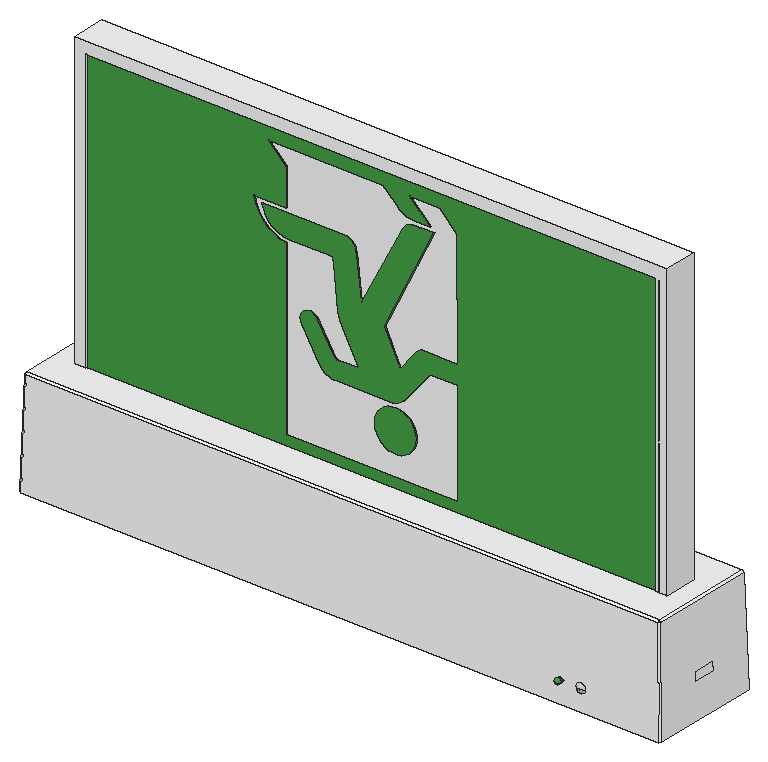
Revit family "GLIDER-SM_AUA03510130001", category Lighting Fixtures, host Face, Revit 2020 (continued)
Parameters (values of type "Running Man Single")
     1.377,   1.352\r\n   1.333,   1.306,   1.281,   1.260,   1.245,   1.227,   1.215,   1.201\r\n   1.182,   1.166,   1.158,   1.142,   1.126,   1.124,   1.114,   1.104\r\n   1.095,   1.083,   1.083,   1.074,   1.063,   1.055,   1.051,   1.054\r\n   1.053,   1.044,   1.041,   1.038,   1.035,   1.034,   1.033,   1.028\r\n   1.019,   1.026,   1.016,   1.016,   1.010,   1.005,   1.009,   1.000\r\n   0.999,   0.995,   0.986,   0.982,   0.979,   0.972,   0.967,   0.966\r\n   0.958,   0.947,   0.947,   0.941,   0.935,   0.929,   0.922,   0.912\r\n   0.908,   0.898,   0.897,   0.888,   0.879,   0.873,   0.866,   0.861\r\n   0.852,   0.845,   0.838,   0.830,   0.826,   0.819,   0.811,   0.806\r\n   0.797,   0.785,   0.784,   0.778,   0.766,   0.760,   0.756,   0.747\r\n   0.739,   0.736,   0.729,   0.721,   0.714,   0.703,   0.697,   0.688\r\n   0.681,   0.678,   0.668,   0.659,   0.650,   0.650,   0.640,   0.635\r\n   0.623,   0.619,   0.614,   0.603,   0.601,   0.594,   0.586,   0.577\r\n   0.575,   0.566,   0.560,   0.554,   0.547,   0.537,   0.533,   0.524\r\n   0.519,   0.510,   0.504,   0.497,   0.492,   0.486,   0.474,   0.467\r\n   0.463,   0.451,   0.445,   0.436,   0.426,   0.420,   0.413,   0.404\r\n   0.393,   0.384,   0.375,   0.368,   0.352,   0.344,   0.337,   0.328\r\n   0.318,   0.304,   0.297,   0.285,   0.276,   0.264,   0.253,   0.238\r\n   0.226,   0.218,   0.206,   0.196,   0.190,   0.181,   0.173,   0.164\r\n   0.154,   0.145,   0.139,   0.132,   0.125,   0.119,   0.113,   0.105\r\n   0.100,   0.093,   0.088,   0.081,   0.072,   0.067,   0.063,   0.058\r\n   0.052,   0.045,   0.038,   0.036,   0.030,   0.023,   0.020,   0.016\r\n   0.012,   0.011,   0.009,   0.010,   0.010,   0.009,   0.008,   0.011\r\n   0.009,   0.009,   0.008,   0.009,   0.009,   0.008,   0.010,   0.009\r\n   0.007,   0.009,   0.008,   0.007,   0.009,   0.008,   0.009,   0.008\r\n   0.009\r\n   5.761,   5.758,   5.789,   5.778,   5.765,   5.775,   5.771,   5.763\r\n   5.771,   5.729,   5.751,   5.749,   5.718,   5.708,   5.714,   5.679\r\n   5.705,   5.690,   5.690,   5.684,   5.659,   5.671,   5.641,   5.650\r\n   5.631,   5.633,   5.590,   5.602,   5.590,   5.565,   5.545,   5.546\r\n   5.546,   5.495,   5.508,   5.479,   5.465,   5.457,   5.460,   5.407\r\n   5.420,   5.385,   5.363,   5.337,   5.336,   5.300,   5.291,   5.257\r\n   5.260,   5.237,   5.214,   5.181,   5.158,   5.134,   5.107,   5.076\r\n   5.057,   5.047,   4.999,   5.005,   4.956,   4.923,   4.875,   4.851\r\n   4.834,   4.801,   4.771,   4.724,   4.695,   4.655,   4.607,   4.587\r\n   4.550,   4.487,   4.472,   4.410,   4.381,   4.343,   4.322,   4.282\r\n   4.232,   4.196,   4.149,   4.116,   4.069,   4.044,   3.966,   3.948\r\n   3.909,   3.869,   3.829,   3.773,   3.725,   3.711,   3.659,   3.604\r\n   3.559,   3.526,   3.476,   3.424,   3.383,   3.345,   3.302,   3.263\r\n   3.206,   3.167,   3.119,   3.066,   3.009,   2.980,   2.916,   2.893\r\n   2.847,   2.810,   2.747,   2.701,   2.669,   2.626,   2.578,   2.535\r\n   2.476,   2.427,   2.398,   2.354,   2.300,   2.258,   2.210,   2.168\r\n   2.115,   2.088,   2.046,   1.983,   1.958,   1.914,   1.869,   1.833\r\n   1.775,   1.740,   1.699,   1.660,   1.616,   1.572,   1.535,   1.499\r\n   1.457,   1.420,   1.381,   1.344,   1.309,   1.272,   1.235,   1.202\r\n   1.169,   1.130,   1.108,   1.074,   1.045,   1.007,   0.982,   0.956\r\n   0.929,   0.905,   0.879,   0.861,   0.837,   0.822,   0.795,   0.778\r\n   0.764,   0.750,   0.738,   0.724,   0.714,   0.704,   0.696,   0.687\r\n   0.684,   0.673,   0.665,   0.658,   0.653,   0.648,   0.645,   0.643\r\n   0.642,   0.638,   0.630,   0.631,   0.628,   0.623,   0.622,   0.618\r\n   0.611,   0.607,   0.606,   0.602,   0.600,   0.602,   0.596,   0.589\r\n   0.588,   0.586,   0.583,   0.582,   0.577,   0.575,   0.574,   0.567\r\n   0.570,   0.569,   0.564,   0.560,   0.560,   0.554,   0.553,   0.550\r\n   0.549,   0.547,   0.545,   0.545,   0.538,   0.536,   0.532,   0.528\r\n   0.523,   0.522,   0.517,   0.514,   0.509,   0.510,   0.506,   0.505\r\n   0.504,   0.502,   0.497,   0.496,   0.490,   0.486,   0.485,   0.481\r\n   0.479,   0.477,   0.472,   0.470,   0.469,   0.462,   0.460,   0.453\r\n   0.448,   0.447,   0.444,   0.440,   0.437,   0.437,   0.433,   0.428\r\n   0.424,   0.421,   0.416,   0.414,   0.408,   0.408,   0.403,   0.399\r\n   0.392,   0.394,   0.385,   0.382,   0.381,   0.377,   0.371,   0.368\r\n   0.365,   0.360,   0.355,   0.352,   0.347,   0.345,   0.338,   0.336\r\n   0.333,   0.327,   0.323,   0.317,   0.315,   0.309,   0.305,   0.301\r\n   0.296,   0.292,   0.283,   0.279,   0.274,   0.270,   0.264,   0.259\r\n   0.253,   0.247,   0.243,   0.238,   0.232,   0.226,   0.222,   0.217\r\n   0.211,   0.206,   0.201,   0.194,   0.188,   0.184,   0.176,   0.170\r\n   0.166,   0.161,   0.154,   0.147,   0.139,   0.133,   0.126,   0.122\r\n   0.114,   0.108,   0.102,   0.092,   0.087,   0.081,   0.075,   0.068\r\n   0.063,   0.056,   0.050,   0.046,   0.040,   0.035,   0.028,   0.024\r\n   0.018,   0.013,   0.012,   0.010,   0.008,   0.009,   0.011,   0.009\r\n   0.008,   0.009,   0.008,   0.009,   0.009,   0.008,   0.008,   0.008\r\n   0.007,   0.006,   0.009,   0.008,   0.008,   0.008,   0.008,   0.009\r\n   0.009\r\n   5.761,   5.747,   5.789,   5.819,   5.889,   5.887,   5.878,   5.872\r\n   5.839,   5.876,   5.876,   5.847,   5.852,   5.861,   5.826,   5.835\r\n   5.817,   5.814,   5.784,   5.778,   5.754,   5.775,   5.747,   5.728\r\n   5.723,   5.710,   5.685,   5.693,   5.671,   5.643,   5.637,   5.623\r\n   5.605,   5.594,   5.565,   5.581,   5.527,   5.525,   5.506,   5.481\r\n   5.444,   5.415,   5.441,   5.400,   5.380,   5.383,   5.365,   5.318\r\n   5.319,   5.281,   5.261,   5.231,   5.210,   5.185,   5.142,   5.133\r\n   5.113,   5.070,   5.056,   5.021,   4.965,   4.951,   4.909,   4.865\r\n   4.826,   4.819,   4.740,   4.716,   4.676,   4.630,   4.577,   4.538\r\n   4.494,   4.446,   4.418,   4.351,   4.333,   4.290,   4.243,   4.200\r\n   4.174,   4.116,   4.074,   4.019,   3.965,   3.916,   3.874,   3.827\r\n   3.789,   3.738,   3.674,   3.638,   3.604,   3.549,   3.515,   3.468\r\n   3.438,   3.374,   3.326,   3.283,   3.230,   3.186,   3.163,   3.115\r\n   3.057,   3.042,   2.983,   2.952,   2.891,   2.861,   2.827,   2.788\r\n   2.747,   2.716,   2.676,   2.630,   2.591,   2.559,   2.528,   2.489\r\n   2.451,   2.414,   2.377,   2.331,   2.287,   2.242,   2.193,   2.142\r\n   2.077,   2.037,   1.980,   1.918,   1.878,   1.825,   1.779,   1.744\r\n   1.692,   1.636,   1.610,   1.567,   1.509,   1.478,   1.440,   1.397\r\n   1.356,   1.319,   1.290,   1.249,   1.216,   1.178,   1.149,   1.126\r\n   1.091,   1.064,   1.033,   1.005,   0.976,   0.946,   0.925,   0.901\r\n   0.878,   0.862,   0.845,   0.823,   0.807,   0.795,   0.777,   0.766\r\n   0.753,   0.744,   0.733,   0.726,   0.717,   0.706,   0.698,   0.693\r\n   0.684,   0.685,   0.678,   0.670,   0.670,   0.664,   0.662,   0.661\r\n   0.657,   0.652,   0.654,   0.656,   0.654,   0.654,   0.651,   0.656\r\n   0.656,   0.658,   0.656,   0.653,   0.654,   0.654,   0.650,   0.650\r\n   0.646,   0.647,   0.645,   0.644,   0.640,   0.636,   0.633,   0.633\r\n   0.627,   0.624,   0.618,   0.616,   0.613,   0.608,   0.606,   0.600\r\n   0.597,   0.595,   0.586,   0.579,   0.579,   0.577,   0.568,   0.566\r\n   0.561,   0.558,   0.555,   0.554,   0.549,   0.540,   0.539,   0.538\r\n   0.535,   0.531,   0.525,   0.521,   0.517,   0.514,   0.514,   0.507\r\n   0.505,   0.500,   0.496,   0.491,   0.488,   0.485,   0.482,   0.478\r\n   0.472,   0.469,   0.464,   0.459,   0.457,   0.453,   0.449,   0.447\r\n   0.441,   0.440,   0.434,   0.430,   0.427,   0.425,   0.422,   0.415\r\n   0.413,   0.406,   0.402,   0.398,   0.395,   0.392,   0.387,   0.381\r\n   0.377,   0.374,   0.370,   0.368,   0.361,   0.354,   0.352,   0.347\r\n   0.343,   0.337,   0.332,   0.331,   0.322,   0.320,   0.313,   0.309\r\n   0.300,   0.298,   0.291,   0.287,   0.280,   0.275,   0.268,   0.265\r\n   0.259,   0.249,   0.243,   0.240,   0.236,   0.228,   0.222,   0.214\r\n   0.208,   0.202,   0.190,   0.181,   0.173,   0.166,   0.158,   0.150\r\n   0.141,   0.134,   0.128,   0.122,   0.117,   0.110,   0.104,   0.098\r\n   0.090,   0.088,   0.082,   0.074,   0.069,   0.061,   0.059,   0.051\r\n   0.047,   0.041,   0.037,   0.030,   0.027,   0.020,   0.015,   0.011\r\n   0.010,   0.008,   0.010,   0.008,   0.009,   0.010,   0.008,   0.008\r\n   0.008,   0.007,   0.007,   0.008,   0.007,   0.009,   0.010,   0.007\r\n   0.008,   0.010,   0.007,   0.009,   0.007,   0.007,   0.009,   0.007\r\n   0.009\r\n   5.761,   5.720,   5.773,   5.850,   5.840,   5.850,   5.871,   5.853\r\n   5.842,   5.867,   5.822,   5.817,   5.811,   5.783,   5.797,   5.774\r\n   5.781,   5.759,   5.775,   5.737,   5.752,   5.725,   5.700,   5.708\r\n   5.691,   5.681,   5.696,   5.655,   5.645,   5.631,   5.609,   5.601\r\n   5.567,   5.573,   5.564,   5.525,   5.490,   5.476,   5.433,   5.424\r\n   5.382,   5.355,   5.312,   5.271,   5.243,   5.231,   5.178,   5.141\r\n   5.112,   5.073,   5.042,   5.021,   4.988,   4.923,   4.894,   4.873\r\n   4.841,   4.799,   4.769,   4.722,   4.680,   4.670,   4.643,   4.583\r\n   4.544,   4.523,   4.476,   4.431,   4.408,   4.364,   4.335,   4.300\r\n   4.259,   4.226,   4.204,   4.180,   4.115,   4.093,   4.057,   4.028\r\n   4.001,   3.955,   3.944,   3.906,   3.906,   3.860,   3.837,   3.810\r\n   3.786,   3.762,   3.748,   3.708,   3.689,   3.656,   3.619,   3.573\r\n   3.542,   3.487,   3.448,   3.401,   3.357,   3.288,   3.216,   3.176\r\n   3.115,   3.051,   3.003,   2.931,   2.875,   2.816,   2.767,   2.692\r\n   2.643,   2.574,   2.502,   2.442,   2.404,   2.341,   2.283,   2.244\r\n   2.175,   2.136,   2.099,   2.053,   2.004,   1.963,   1.920,   1.871\r\n   1.830,   1.784,   1.746,   1.703,   1.670,   1.629,   1.583,   1.543\r\n   1.505,   1.465,   1.440,   1.404,   1.366,   1.329,   1.296,   1.260\r\n   1.231,   1.201,   1.171,   1.144,   1.122,   1.086,   1.065,   1.034\r\n   1.014,   0.989,   0.969,   0.952,   0.925,   0.905,   0.893,   0.873\r\n   0.850,   0.839,   0.822,   0.807,   0.794,   0.778,   0.763,   0.756\r\n   0.745,   0.736,   0.726,   0.718,   0.705,   0.701,   0.694,   0.690\r\n   0.684,   0.681,   0.677,   0.675,   0.676,   0.675,   0.677,   0.673\r\n   0.677,   0.683,   0.678,   0.680,   0.683,   0.685,   0.687,   0.693\r\n   0.695,   0.703,   0.701,   0.698,   0.701,   0.697,   0.692,   0.689\r\n   0.686,   0.685,   0.684,   0.685,   0.686,   0.685,   0.685,   0.681\r\n   0.676,   0.670,   0.660,   0.654,   0.648,   0.646,   0.641,   0.641\r\n   0.632,   0.629,   0.625,   0.622,   0.617,   0.615,   0.611,   0.609\r\n   0.602,   0.600,   0.597,   0.593,   0.593,   0.587,   0.587,   0.579\r\n   0.577,   0.570,   0.567,   0.566,   0.561,   0.556,   0.554,   0.546\r\n   0.542,   0.539,   0.535,   0.530,   0.529,   0.519,   0.515,   0.510\r\n   0.501,   0.497,   0.492,   0.488,   0.481,   0.479,   0.471,   0.468\r\n   0.463,   0.458,   0.454,   0.448,   0.445,   0.441,   0.436,   0.435\r\n   0.427,   0.426,   0.421,   0.418,   0.413,   0.406,   0.402,   0.399\r\n   0.393,   0.393,   0.385,   0.380,   0.375,   0.369,   0.362,   0.359\r\n   0.354,   0.348,   0.344,   0.338,   0.335,   0.329,   0.322,   0.317\r\n   0.314,   0.308,   0.303,   0.299,   0.291,   0.284,   0.280,   0.272\r\n   0.268,   0.260,   0.254,   0.246,   0.239,   0.234,   0.227,   0.217\r\n   0.213,   0.205,   0.200,   0.192,   0.186,   0.180,   0.173,   0.165\r\n   0.162,   0.151,   0.144,   0.135,   0.122,   0.117,   0.113,   0.104\r\n   0.095,   0.086,   0.081,   0.078,   0.069,   0.064,   0.058,   0.052\r\n   0.044,   0.034,   0.024,   0.018,   0.014,   0.008,   0.009,   0.010\r\n   0.010,   0.009,   0.009,   0.008,   0.009,   0.009,   0.009,   0.010\r\n   0.009,   0.010,   0.008,   0.008,   0.008,   0.008,   0.008,   0.008\r\n   0.009,   0.008,   0.008,   0.009,   0.008,   0.007,   0.007,   0.007\r\n   0.009\r\n   5.761,   5.763,   5.837,   5.898,   5.872,   5.868,   5.889,   5.862\r\n   5.852,   5.839,   5.838,   5.846,   5.846,   5.817,   5.817,   5.817\r\n   5.791,   5.794,   5.789,   5.770,   5.784,   5.766,   5.731,   5.765\r\n   5.734,   5.713,   5.676,   5.671,   5.661,   5.648,   5.602,   5.586\r\n   5.544,   5.506,   5.460,   5.430,   5.429,   5.343,   5.345,   5.289\r\n   5.244,   5.218,   5.175,   5.130,   5.119,   5.070,   5.030,   4.983\r\n   4.975,   4.925,   4.900,   4.852,   4.807,   4.756,   4.757,   4.698\r\n   4.648,   4.617,   4.601,   4.544,   4.525,   4.494,   4.466,   4.424\r\n   4.393,   4.370,   4.306,   4.291,   4.239,   4.226,   4.199,   4.175\r\n   4.155,   4.120,   4.097,   4.059,   4.029,   3.996,   3.969,   3.946\r\n   3.913,   3.877,   3.842,   3.802,   3.744,   3.706,   3.660,   3.622\r\n   3.568,   3.491,   3.443,   3.365,   3.303,   3.247,   3.171,   3.113\r\n   3.040,   2.971,   2.890,   2.831,   2.768,   2.709,   2.630,   2.584\r\n   2.521,   2.447,   2.403,   2.342,   2.278,   2.224,   2.170,   2.112\r\n   2.058,   2.009,   1.950,   1.901,   1.859,   1.800,   1.759,   1.705\r\n   1.670,   1.616,   1.587,   1.550,   1.497,   1.457,   1.414,   1.370\r\n   1.336,   1.303,   1.270,   1.229,   1.191,   1.159,   1.129,   1.098\r\n   1.060,   1.030,   0.997,   0.969,   0.943,   0.917,   0.891,   0.862\r\n   0.838,   0.818,   0.790,   0.765,   0.747,   0.724,   0.702,   0.682\r\n   0.667,   0.642,   0.628,   0.610,   0.592,   0.577,   0.565,   0.546\r\n   0.532,   0.521,   0.505,   0.494,   0.486,   0.474,   0.461,   0.454\r\n   0.445,   0.438,   0.435,   0.426,   0.423,   0.415,   0.411,   0.410\r\n   0.408,   0.405,   0.404,   0.408,   0.410,   0.412,   0.417,   0.422\r\n   0.430,   0.434,   0.435,   0.439,   0.444,   0.443,   0.445,   0.456\r\n   0.456,   0.464,   0.470,   0.469,   0.470,   0.468,   0.463,   0.462\r\n   0.459,   0.458,   0.452,   0.452,   0.454,   0.454,   0.455,   0.458\r\n   0.461,   0.459,   0.457,   0.452,   0.442,   0.432,   0.423,   0.421\r\n   0.419,   0.416,   0.414,   0.410,   0.409,   0.407,   0.408,   0.409\r\n   0.407,   0.407,   0.402,   0.399,   0.400,   0.395,   0.392,   0.391\r\n   0.387,   0.384,   0.383,   0.383,   0.380,   0.382,   0.376,   0.377\r\n   0.373,   0.374,   0.373,   0.370,   0.368,   0.369,   0.365,   0.363\r\n   0.361,   0.360,   0.356,   0.357,   0.354,   0.353,   0.354,   0.353\r\n   0.352,   0.352,   0.350,   0.349,   0.349,   0.348,   0.348,   0.346\r\n   0.344,   0.345,   0.341,   0.338,   0.338,   0.334,   0.334,   0.327\r\n   0.321,   0.313,   0.310,   0.303,   0.300,   0.291,   0.289,   0.285\r\n   0.282,   0.278,   0.273,   0.270,   0.268,   0.264,   0.265,   0.260\r\n   0.257,   0.255,   0.250,   0.248,   0.243,   0.241,   0.236,   0.231\r\n   0.229,   0.225,   0.221,   0.219,   0.214,   0.209,   0.206,   0.203\r\n   0.198,   0.195,   0.191,   0.186,   0.181,   0.179,   0.175,   0.173\r\n   0.167,   0.162,   0.160,   0.154,   0.150,   0.143,   0.140,   0.138\r\n   0.132,   0.130,   0.124,   0.118,   0.107,   0.099,   0.092,   0.086\r\n   0.082,   0.077,   0.069,   0.068,   0.060,   0.052,   0.044,   0.036\r\n   0.022,   0.014,   0.014,   0.010,   0.008,   0.009,   0.007,   0.009\r\n   0.009,   0.007,   0.009,   0.007,   0.007,   0.009,   0.008,   0.007\r\n   0.008,   0.008,   0.008,   0.007,   0.008,   0.008,   0.008,   0.009\r\n   0.009\r\n   5.761,   5.771,   5.879,   5.856,   5.853,   5.888,   5.866,   5.857\r\n   5.838,   5.838,   5.841,   5.820,   5.813,   5.828,   5.812,   5.791\r\n   5.817,   5.772,   5.810,   5.791,   5.784,   5.742,   5.749,   5.743\r\n   5.732,   5.714,   5.712,   5.658,   5.644,   5.600,   5.574,   5.509\r\n   5.489,   5.449,   5.385,   5.346,   5.355,   5.299,   5.248,   5.229\r\n   5.176,   5.155,   5.109,   5.061,   5.025,   5.022,   4.951,   4.933\r\n   4.894,   4.860,   4.807,   4.767,   4.751,   4.720,   4.677,   4.660\r\n   4.601,   4.578,   4.546,   4.484,   4.465,   4.443,   4.408,   4.402\r\n   4.355,   4.306,   4.297,   4.256,   4.246,   4.207,   4.175,   4.168\r\n   4.122,   4.094,   4.077,   4.030,   3.977,   3.965,   3.935,   3.890\r\n   3.845,   3.788,   3.758,   3.714,   3.666,   3.608,   3.545,   3.452\r\n   3.397,   3.301,   3.250,   3.185,   3.094,   3.038,   2.964,   2.893\r\n   2.848,   2.771,   2.695,   2.636,   2.591,   2.522,   2.443,   2.389\r\n   2.321,   2.268, 
